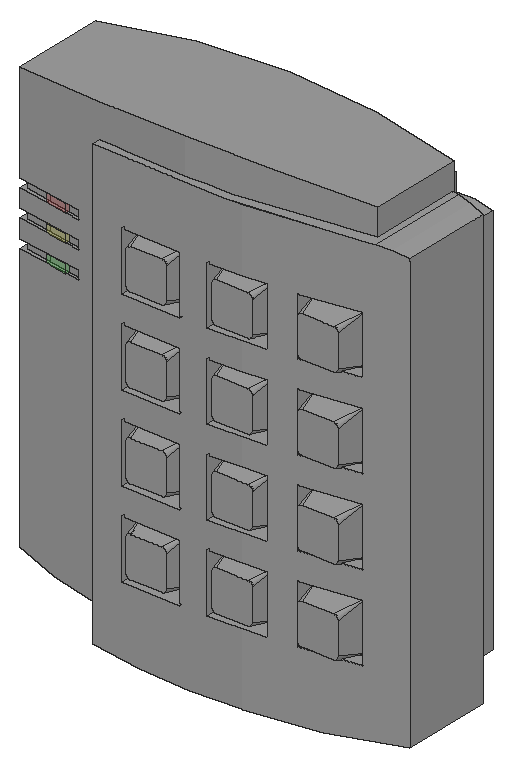
Revit family "STS-708_RV17_LOD_400", category Электрооборудование, Revit 2017 (continued)
Automatic sketch dimensions
  profile plane to Sweep 7 sketch curve = 0 mm
  Sweep 7 sketch curve to profile plane = 0.769 mm
  Sweep 7 sketch curve to profile plane = 8 mm
  Sweep 7 sketch curve to Sweep 7 sketch curve = 1 mm  (x2)
  Extrusion 8 sketch curve to Extrusion 8 sketch curve = 0 mm  (x4)
  Extrusion 8 sketch curve to Extrusion 8 sketch curve = 4 mm  (x2)
  Extrusion 8 sketch curve to Extrusion 8 sketch curve = 2 mm  (x3)
  Extrusion 9 sketch curve to Extrusion 9 sketch curve = 0 mm  (x4)
  Extrusion 9 sketch curve to Extrusion 9 sketch curve = 15 mm
  Extrusion 9 sketch curve to Extrusion 9 sketch curve = 4 mm  (x2)
  Extrusion 9 sketch curve to Extrusion 9 sketch curve = 2 mm  (x3)
  Extrusion 10 sketch curve to Extrusion 10 sketch curve = 5 mm
  Extrusion 11 sketch curve to Extrusion 11 sketch curve = 5 mm
  Extrusion 11 sketch curve to Extrusion 11 sketch curve = 2 mm
  Extrusion 12 sketch curve to Extrusion 12 sketch curve = 5 mm
  Extrusion 12 sketch curve to Extrusion 12 sketch curve = 2 mm
  Extrusion 13 sketch curve to Extrusion 13 sketch curve = 0 mm  (x18)
  Extrusion 13 sketch curve to Extrusion 13 sketch curve = 6 mm  (x14)
  Extrusion 13 sketch curve to Extrusion 13 sketch curve = 13 mm  (x14)
  Blend 14 sketch curve to Blend 14 sketch curve = 1 mm  (x3)
  Blend 14 sketch curve to Blend 14 sketch curve = 7 mm  (x3)
  Blend 15 sketch curve to Blend 15 sketch curve = 1 mm  (x3)
  Blend 15 sketch curve to Blend 15 sketch curve = 7 mm  (x3)
  Blend 16 sketch curve to Blend 16 sketch curve = 1 mm  (x3)
  Blend 16 sketch curve to Blend 16 sketch curve = 7 mm  (x3)
  Blend 17 sketch curve to Blend 17 sketch curve = 11 mm  (x2)
  Blend 17 sketch curve to Blend 17 sketch curve = 1 mm  (x4)
  Blend 17 sketch curve to Blend 17 sketch curve = 7 mm  (x2)
  Blend 18 sketch curve to Blend 18 sketch curve = 11 mm  (x2)
  Blend 18 sketch curve to Blend 18 sketch curve = 1 mm  (x4)
  Blend 18 sketch curve to Blend 18 sketch curve = 7 mm  (x2)
  Blend 19 sketch curve to Blend 19 sketch curve = 11 mm  (x2)
  Blend 19 sketch curve to Blend 19 sketch curve = 1 mm  (x4)
  Blend 19 sketch curve to Blend 19 sketch curve = 7 mm  (x2)
  Blend 20 sketch curve to Blend 20 sketch curve = 11 mm  (x2)
  Blend 20 sketch curve to Blend 20 sketch curve = 1 mm  (x4)
  Blend 20 sketch curve to Blend 20 sketch curve = 7 mm  (x2)
  Blend 21 sketch curve to Blend 21 sketch curve = 11 mm  (x2)
  Blend 21 sketch curve to Blend 21 sketch curve = 1 mm  (x4)
  Blend 21 sketch curve to Blend 21 sketch curve = 7 mm  (x2)
  Blend 22 sketch curve to Blend 22 sketch curve = 11 mm  (x2)
  Blend 22 sketch curve to Blend 22 sketch curve = 1 mm  (x4)
  Blend 22 sketch curve to Blend 22 sketch curve = 7 mm  (x2)
  Blend 23 sketch curve to Blend 23 sketch curve = 11 mm  (x2)
  Blend 23 sketch curve to Blend 23 sketch curve = 1 mm  (x4)
  Blend 23 sketch curve to Blend 23 sketch curve = 7 mm  (x2)
  Blend 24 sketch curve to Blend 24 sketch curve = 11 mm  (x2)
  Blend 24 sketch curve to Blend 24 sketch curve = 1 mm  (x4)
  Blend 24 sketch curve to Blend 24 sketch curve = 7 mm  (x2)
  Blend 25 sketch curve to Blend 25 sketch curve = 11 mm  (x2)
  Blend 25 sketch curve to Blend 25 sketch curve = 1 mm  (x4)
  Blend 25 sketch curve to Blend 25 sketch curve = 7 mm  (x2)
  Extrusion 1 sketch curve to Extrusion 1 sketch curve = 39.5 mm  (x2)
  Extrusion 1 sketch curve to Extrusion 1 sketch curve = 79 mm
  Extrusion 1 sketch curve to Extrusion 1 sketch curve = 172.031 mm  (x2)
  Extrusion 1 sketch curve to Extrusion 1 sketch curve = 21 mm
  Extrusion 2 sketch curve to Extrusion 2 sketch curve = 20.793 mm
  Extrusion 2 sketch curve to Extrusion 2 sketch curve = 20.92 mm
  Extrusion 2 sketch curve to Extrusion 2 sketch curve = 67 mm
  Extrusion 2 sketch curve to Extrusion 2 sketch curve = 164.379 mm
  Extrusion 2 sketch curve to Extrusion 2 sketch curve = 4 mm
  Extrusion 2 sketch curve to Extrusion 2 sketch curve = 20 mm
  Extrusion 3 sketch curve to Extrusion 3 sketch curve = 17.5 mm
  Extrusion 3 sketch curve to Extrusion 3 sketch curve = 20 mm
  Extrusion 3 sketch curve to Extrusion 3 sketch curve = 14.5 mm
  Extrusion 3 sketch curve to Extrusion 3 sketch curve = 43.751 mm
  Extrusion 3 sketch curve to Extrusion 3 sketch curve = 51.5 mm
  Extrusion 3 sketch curve to Extrusion 3 sketch curve = 1.487 mm
  Extrusion 3 sketch curve to Extrusion 3 sketch curve = 57 mm
  Extrusion 3 sketch curve to Extrusion 3 sketch curve = 501.625 mm
  Extrusion 3 sketch curve to Extrusion 3 sketch curve = 1 mm
  Extrusion 3 sketch curve to Extrusion 3 sketch curve = 4 mm
  Extrusion 3 sketch curve to Extrusion 3 sketch curve = 3 mm
  Extrusion 3 sketch curve to Extrusion 3 sketch curve = 12.9 mm
  Extrusion 3 sketch curve to Extrusion 3 sketch curve = 19.6 mm
  Extrusion 3 sketch curve to Extrusion 3 sketch curve = 37.5 mm
  Sweep 4 sketch curve to Sweep 4 sketch curve = 33.345 mm
  Sweep 4 sketch curve to profile plane = 2 mm
  profile plane to Sweep 4 sketch curve = 2 mm
  Sweep 5 sketch curve to Sweep 5 sketch curve = 30 mm
  Sweep 5 sketch curve to profile plane = 0 mm
  Sweep 5 sketch curve to profile plane = 2 mm
  profile plane to Sweep 5 sketch curve = 3 mm
  Sweep 6 sketch curve to Sweep 6 sketch curve = 35 mm
  Sweep 6 sketch curve to profile plane = 391.063 mm
  Sweep 7 sketch curve to Sweep 7 sketch curve = 26.302 mm
  Sweep 7 sketch curve to profile plane = 0 mm
  Sweep 7 sketch curve to profile plane = 1 mm
  Extrusion 8 sketch curve to Extrusion 8 sketch curve = 11 mm
  Extrusion 10 sketch curve to Extrusion 10 sketch curve = 2 mm
  Blend 14 sketch curve to Blend 14 sketch curve = 11 mm  (x2)
  Blend 15 sketch curve to Blend 15 sketch curve = 11 mm  (x2)
  Blend 16 sketch curve to Blend 16 sketch curve = 11 mm  (x2)
  profile plane to Sweep 29 sketch curve = 0 mm
  profile plane to Sweep 29 sketch curve = 1 mm  (x2)
  Sweep 29 sketch curve to profile plane = 27.927 mm
  Sweep 29 sketch curve to profile plane = 67 mm
  Sweep 29 sketch curve to Sweep 29 sketch curve = 1 mm
  profile plane to Sweep 30 sketch curve = 0 mm
  profile plane to Sweep 30 sketch curve = 1.03 mm
  profile plane to Sweep 30 sketch curve = 20 mm
  Sweep 30 sketch curve to Sweep 30 sketch curve = 1.767 mm
  profile plane to Sweep 31 sketch curve = 0 mm
  profile plane to Sweep 31 sketch curve = 2 mm  (x2)
  Sweep 31 sketch curve to profile plane = 39.5 mm
  Sweep 31 sketch curve to Sweep 31 sketch curve = 79 mm
  Sweep 31 sketch curve to Sweep 31 sketch curve = 2 mm
  Sweep 31 sketch curve to Sweep 31 sketch curve = 389.063 mm
  profile plane to Sweep 32 sketch curve = 0 mm
  Sweep 32 sketch curve to profile plane = 0.769 mm
  Sweep 32 sketch curve to profile plane = 8 mm
  Sweep 32 sketch curve to Sweep 32 sketch curve = 1 mm  (x2)
  Extrusion 33 sketch curve to Extrusion 33 sketch curve = 0 mm  (x4)
  Extrusion 33 sketch curve to Extrusion 33 sketch curve = 4 mm  (x2)
  Extrusion 33 sketch curve to Extrusion 33 sketch curve = 2 mm  (x3)
  Extrusion 34 sketch curve to Extrusion 34 sketch curve = 0 mm  (x4)
  Extrusion 34 sketch curve to Extrusion 34 sketch curve = 15 mm
  Extrusion 34 sketch curve to Extrusion 34 sketch curve = 4 mm  (x2)
  Extrusion 34 sketch curve to Extrusion 34 sketch curve = 2 mm  (x3)
  Extrusion 35 sketch curve to Extrusion 35 sketch curve = 5 mm
  Extrusion 36 sketch curve to Extrusion 36 sketch curve = 5 mm
  Extrusion 36 sketch curve to Extrusion 36 sketch curve = 2 mm
  Extrusion 37 sketch curve to Extrusion 37 sketch curve = 5 mm
  Extrusion 37 sketch curve to Extrusion 37 sketch curve = 2 mm
  Extrusion 38 sketch curve to Extrusion 38 sketch curve = 0 mm  (x18)
  Extrusion 38 sketch curve to Extrusion 38 sketch curve = 6 mm  (x14)
  Extrusion 38 sketch curve to Extrusion 38 sketch curve = 13 mm  (x14)
  Blend 39 sketch curve to Blend 39 sketch curve = 1 mm  (x3)
  Blend 39 sketch curve to Blend 39 sketch curve = 7 mm  (x3)
  Blend 40 sketch curve to Blend 40 sketch curve = 1 mm  (x3)
  Blend 40 sketch curve to Blend 40 sketch curve = 7 mm  (x3)
  Blend 41 sketch curve to Blend 41 sketch curve = 1 mm  (x3)
  Blend 41 sketch curve to Blend 41 sketch curve = 7 mm  (x3)
  Blend 42 sketch curve to Blend 42 sketch curve = 11 mm  (x2)
  Blend 42 sketch curve to Blend 42 sketch curve = 1 mm  (x4)
  Blend 42 sketch curve to Blend 42 sketch curve = 7 mm  (x2)
  Blend 43 sketch curve to Blend 43 sketch curve = 11 mm  (x2)
  Blend 43 sketch curve to Blend 43 sketch curve = 1 mm  (x4)
  Blend 43 sketch curve to Blend 43 sketch curve = 7 mm  (x2)
  Blend 44 sketch curve to Blend 44 sketch curve = 11 mm  (x2)
  Blend 44 sketch curve to Blend 44 sketch curve = 1 mm  (x4)
  Blend 44 sketch curve to Blend 44 sketch curve = 7 mm  (x2)
  Blend 45 sketch curve to Blend 45 sketch curve = 11 mm  (x2)
  Blend 45 sketch curve to Blend 45 sketch curve = 1 mm  (x4)
  Blend 45 sketch curve to Blend 45 sketch curve = 7 mm  (x2)
  Blend 46 sketch curve to Blend 46 sketch curve = 11 mm  (x2)
  Blend 46 sketch curve to Blend 46 sketch curve = 1 mm  (x4)
  Blend 46 sketch curve to Blend 46 sketch curve = 7 mm  (x2)
  Blend 47 sketch curve to Blend 47 sketch curve = 11 mm  (x2)
  Blend 47 sketch curve to Blend 47 sketch curve = 1 mm  (x4)
  Blend 47 sketch curve to Blend 47 sketch curve = 7 mm  (x2)
  Blend 48 sketch curve to Blend 48 sketch curve = 11 mm  (x2)
  Blend 48 sketch curve to Blend 48 sketch curve = 1 mm  (x4)
  Blend 48 sketch curve to Blend 48 sketch curve = 7 mm  (x2)
  Blend 49 sketch curve to Blend 49 sketch curve = 11 mm  (x2)
  Blend 49 sketch curve to Blend 49 sketch curve = 1 mm  (x4)
  Blend 49 sketch curve to Blend 49 sketch curve = 7 mm  (x2)
  Blend 50 sketch curve to Blend 50 sketch curve = 11 mm  (x2)
  Blend 50 sketch curve to Blend 50 sketch curve = 1 mm  (x4)
  Blend 50 sketch curve to Blend 50 sketch curve = 7 mm  (x2)
  Extrusion 26 sketch curve to Extrusion 26 sketch curve = 39.5 mm  (x2)
  Extrusion 26 sketch curve to Extrusion 26 sketch curve = 79 mm
  Extrusion 26 sketch curve to Extrusion 26 sketch curve = 172.031 mm  (x2)
  Extrusion 26 sketch curve to Extrusion 26 sketch curve = 21 mm
  Extrusion 27 sketch curve to Extrusion 27 sketch curve = 20.793 mm
  Extrusion 27 sketch curve to Extrusion 27 sketch curve = 20.92 mm
  Extrusion 27 sketch curve to Extrusion 27 sketch curve = 67 mm
  Extrusion 27 sketch curve to Extrusion 27 sketch curve = 164.379 mm
  Extrusion 27 sketch curve to Extrusion 27 sketch curve = 4 mm
  Extrusion 27 sketch curve to Extrusion 27 sketch curve = 20 mm
  Extrusion 28 sketch curve to Extrusion 28 sketch curve = 17.5 mm
  Extrusion 28 sketch curve to Extrusion 28 sketch curve = 20 mm
  Extrusion 28 sketch curve to Extrusion 28 sketch curve = 14.5 mm
  Extrusion 28 sketch curve to Extrusion 28 sketch curve = 43.751 mm
  Extrusion 28 sketch curve to Extrusion 28 sketch curve = 51.5 mm
  Extrusion 28 sketch curve to Extrusion 28 sketch curve = 1.487 mm
  Extrusion 28 sketch curve to Extrusion 28 sketch curve = 57 mm
  Extrusion 28 sketch curve to Extrusion 28 sketch curve = 501.625 mm
  Extrusion 28 sketch curve to Extrusion 28 sketch curve = 1 mm
  Extrusion 28 sketch curve to Extrusion 28 sketch curve = 4 mm
  Extrusion 28 sketch curve to Extrusion 28 sketch curve = 3 mm
  Extrusion 28 sketch curve to Extrusion 28 sketch curve = 12.9 mm
  Extrusion 28 sketch curve to Extrusion 28 sketch curve = 19.6 mm
  Extrusion 28 sketch curve to Extrusion 28 sketch curve = 37.5 mm
  Sweep 29 sketch curve to Sweep 29 sketch curve = 33.345 mm
  Sweep 29 sketch curve to profile plane = 2 mm
  profile plane to Sweep 29 sketch curve = 2 mm
  Sweep 30 sketch curve to Sweep 30 sketch curve = 30 mm
  Sweep 30 sketch curve to profile plane = 0 mm
  Sweep 30 sketch curve to profile plane = 2 mm
  profile plane to Sweep 30 sketch curve = 3 mm
  Sweep 31 sketch curve to Sweep 31 sketch curve = 35 mm
  Sweep 31 sketch curve to profile plane = 391.063 mm
  Sweep 32 sketch curve to Sweep 32 sketch curve = 26.302 mm
  Sweep 32 sketch curve to profile plane = 0 mm
  Sweep 32 sketch curve to profile plane = 1 mm
  Extrusion 33 sketch curve to Extrusion 33 sketch curve = 11 mm
  Extrusion 35 sketch curve to Extrusion 35 sketch curve = 2 mm
  Blend 39 sketch curve to Blend 39 sketch curve = 11 mm  (x2)
  Blend 40 sketch curve to Blend 40 sketch curve = 11 mm  (x2)
  Blend 41 sketch curve to Blend 41 sketch curve = 11 mm  (x2)
  Extrusion 1 sketch curve to plane 6 "7" = 0 mm
  Extrusion 1 sketch curve to plane 1 "По центру (Вперед/Назад)" = 165.031 mm
  Extrusion 2 sketch curve to plane 9 = 0 mm
  Extrusion 2 sketch curve to plane 5 = 0 mm
  Extrusion 3 sketch curve to plane 6 "7" = 5 mm
  Extrusion 3 sketch curve to level = 495.625 mm
  Sweep 4 sketch curve to plane 4 "6" = 0 mm
  Sweep 4 sketch curve to plane 6 "7" = 20 mm
  Sweep 5 sketch curve to plane 9 = 0 mm
  Sweep 5 sketch curve to plane 6 "7" = 20 mm
  Sweep 6 sketch curve to plane 4 "6" = 0 mm
  Sweep 6 sketch curve to plane 6 "7" = 0 mm
  plane 8 to Sweep 7 sketch curve = 1.698 mm
  Sweep 7 sketch curve to plane 5 = 8 mm
  plane 8 to Extrusion 8 sketch curve = 13 mm
  Extrusion 8 sketch curve to plane 7 "вверх" = 38 mm
  Extrusion 9 sketch curve to plane 7 "вверх" = 32 mm
  Extrusion 10 sketch curve to plane 7 "вверх" = 24 mm
  Extrusion 11 sketch curve to plane 7 "вверх" = 30 mm
  Extrusion 12 sketch curve to plane 7 "вверх" = 36 mm
  Extrusion 13 sketch curve to plane 5 = 9 mm
  level to Extrusion 13 sketch curve = 16 mm
  Blend 14 sketch curve to plane 3 "По центру (Влево/Вправо)" = 4.5 mm
  Blend 14 sketch curve to plane 7 "вверх" = 34 mm
  Blend 14 sketch curve to plane 3 "По центру (Влево/Вправо)" = 5.5 mm
  Blend 14 sketch curve to plane 7 "вверх" = 33 mm
  plane 3 "По центру (Влево/Вправо)" to Blend 15 sketch curve = 14.5 mm
  Blend 15 sketch curve to plane 7 "вверх" = 34 mm
  plane 3 "По центру (Влево/Вправо)" to Blend 15 sketch curve = 13.5 mm
  Blend 15 sketch curve to plane 7 "вверх" = 33 mm
  Blend 16 sketch curve to plane 5 = 10 mm
  Blend 16 sketch curve to plane 7 "вверх" = 34 mm
  Blend 16 sketch curve to plane 5 = 11 mm
  Blend 16 sketch curve to plane 7 "вверх" = 33 mm
  Blend 17 sketch curve to plane 3 "По центру (Влево/Вправо)" = 4.5 mm
  Blend 17 sketch curve to plane 7 "вверх" = 53 mm
  Blend 17 sketch curve to plane 3 "По центру (Влево/Вправо)" = 5.5 mm
  Blend 17 sketch curve to plane 7 "вверх" = 52 mm
  plane 3 "По центру (Влево/Вправо)" to Blend 18 sketch curve = 14.5 mm
  Blend 18 sketch curve to plane 7 "вверх" = 53 mm
  plane 3 "По центру (Влево/Вправо)" to Blend 18 sketch curve = 13.5 mm
  Blend 18 sketch curve to plane 7 "вверх" = 52 mm
  Blend 19 sketch curve to plane 5 = 10 mm
  Blend 19 sketch curve to plane 7 "вверх" = 53 mm
  Blend 19 sketch curve to plane 5 = 11 mm
  Blend 19 sketch curve to plane 7 "вверх" = 52 mm
  Blend 20 sketch curve to plane 3 "По центру (Влево/Вправо)" = 4.5 mm
  level to Blend 20 sketch curve = 36 mm
  Blend 20 sketch curve to plane 3 "По центру (Влево/Вправо)" = 5.5 mm
  level to Blend 20 sketch curve = 37 mm
  plane 3 "По центру (Влево/Вправо)" to Blend 21 sketch curve = 14.5 mm
  level to Blend 21 sketch curve = 36 mm
  plane 3 "По центру (Влево/Вправо)" to Blend 21 sketch curve = 13.5 mm
  level to Blend 21 sketch curve = 37 mm
  Blend 22 sketch curve to plane 5 = 10 mm
  level to Blend 22 sketch curve = 36 mm
  Blend 22 sketch curve to plane 5 = 11 mm
  level to Blend 22 sketch curve = 37 mm
  Blend 23 sketch curve to plane 3 "По центру (Влево/Вправо)" = 4.5 mm
  level to Blend 23 sketch curve = 17 mm
  Blend 23 sketch curve to plane 3 "По центру (Влево/Вправо)" = 5.5 mm
  level to Blend 23 sketch curve = 18 mm
  plane 3 "По центру (Влево/Вправо)" to Blend 24 sketch curve = 14.5 mm
  level to Blend 24 sketch curve = 17 mm
  plane 3 "По центру (Влево/Вправо)" to Blend 24 sketch curve = 13.5 mm
  level to Blend 24 sketch curve = 18 mm
  Blend 25 sketch curve to plane 5 = 10 mm
  level to Blend 25 sketch curve = 17 mm
  Blend 25 sketch curve to plane 5 = 11 mm
  level to Blend 25 sketch curve = 18 mm
Nested families
  nested 1: "УГО_Кодонаборная панель" at (0, 0, 0), visible <- "Видимость_УГО", type "УГО_Кодонаборная панель"
Connectors
  electrical at (3, 0, 52.875)
    settings: on cut or joined group 1 (Extrusion 1, Extrusion 2, Extrusion 3, Sweep 4, Sweep 5, Sweep 6, Sweep 7, Extrusion 8, Extrusion 9, Extrusion 13), index 1, voltage 0 V, apparent load 0 VA, apparent load phase1 0 VA, apparent load phase2 0 VA, apparent load phase3 0 VA, power factor 1, load classification "Прочее", number of poles 1, system type 31, power factor state 1, is connector primary yes, connector utility no, sub classification motor no, connector description ""
  cabletrayconduit at (3, 0, 52.875), diameter 20, driven by "d короба"
    settings: on cut or joined group 1, index 2, connector width 300 mm, connector height 300 mm, connector angle 0.00°, system type 32, placement type 0, profile type 0, connector reference index -1, is primary connector yes, connector utility param no, connector description ""
Definition of nested family "УГО_Кодонаборная панель"
  Reference planes
    plane 1: y = 0
    plane 2: x = 0
  Lines and regions (mm)
    Filled region 1, type "Цветовая область 1"
      outline origin (0, 0, 0) x (1, 0, 0) y (0, 1, 0)
        loop
          line (-2, -1.007) -> (-2, -7.007) -> (2, -7.007) -> (2, -1.007) -> (-2, -1.007)
    detail lines
      curve 1: line (3, 0, 0) -> (3, -8, 0)
      curve 2: line (3, -8, 0) -> (-3, -8, 0)
      curve 3: line (-3, -8, 0) -> (-3, 0, 0)
      curve 4: line (-3, 0, 0) -> (3, 0, 0)
      curve 5: line (2, -1.007, 0) -> (2, -7.007, 0)
      curve 6: line (2, -7.007, 0) -> (-2, -7.007, 0)
      curve 7: line (-2, -7.007, 0) -> (-2, -1.007, 0)
      curve 8: line (-2, -1.007, 0) -> (2, -1.007, 0)
    detail lines, not visible
      curve 9: line (3, 0, 0) -> (3, -8, 0)
      curve 10: line (3, -8, 0) -> (-3, -8, 0)
      curve 11: line (-3, -8, 0) -> (-3, 0, 0)
      curve 12: line (-3, 0, 0) -> (3, 0, 0)
      curve 13: line (2, -1.007, 0) -> (2, -7.007, 0)
      curve 14: line (2, -7.007, 0) -> (-2, -7.007, 0)
      curve 15: line (-2, -7.007, 0) -> (-2, -1.007, 0)
      curve 16: line (-2, -1.007, 0) -> (2, -1.007, 0)
  Dimensions and locks
    aligned and locked: plane 1 to curve 4
    aligned and locked: Filled region 1 sketch curve to curve 8
    aligned and locked: Filled region 1 sketch curve to curve 7
    aligned and locked: Filled region 1 sketch curve to curve 6
    aligned and locked: Filled region 1 sketch curve to curve 5
